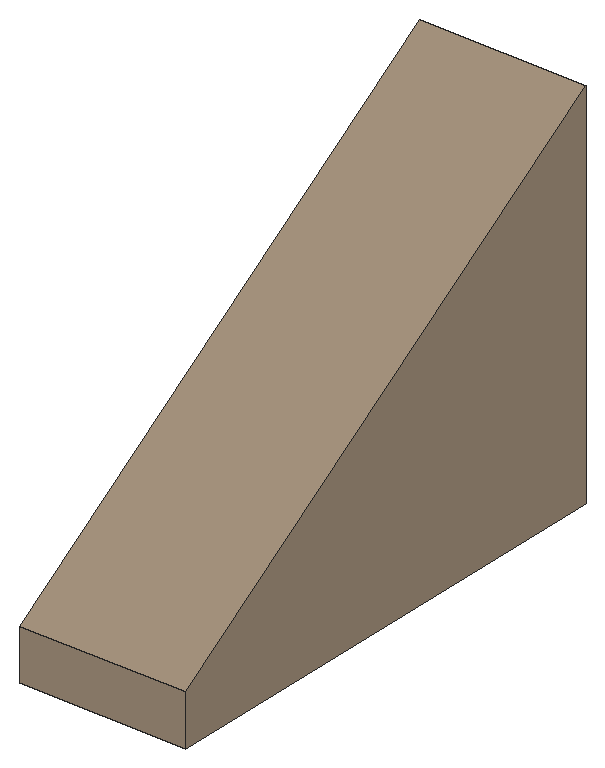
Revit family
Parameters
  Warranty Duration (Years) = 50
  URL = "http://www.nativecustomstone.com/"
  Test Data = "http://www.nativecustomstone.com/specs/testing-and-ics-esr-report"
  Specification = "http://www.nativecustomstone.com/specs/3-part-spec"
  Send Message = "http://www.arcat.com/users.pl?action=UserEmail&company=Native+Custom+Stone&coid=48056&rep=152&fax=706-216-5550&mf="
  Sales Information = "http://www.nativecustomstone.com/contact"
  Revision = "R1_10-2012"
  Product Properties = "http://www.nativecustomstone.com/specs/spec-data-sheet"
  Product Data = "http://www.arcat.com/arcatcos/cos48/arc48056.html"
  Model = "As Specified in 04 73 00"
  Material = Native-Custom-Stone_Accessory-Material_Brown-Color
  Manufacturer Website = "www.nativecstone.com"
  Manufacturer Phone - Toll Free = "888-823-0745"
  Manufacturer Phone = "706-216-5545"
  Manufacturer Fax = "706-216-5550"
  Manufacturer Email = "http://www.arcat.com/users.pl?action=UserEmail&company=Native+Custom+Stone&coid=48056&rep=152&fax=706-216-5550&mf="
  Manufacturer Address = "236 Hightower Pkwy. Dawsonville, GA 30534"
  Manufacturer = "Native Custom Stone"
  Maintenance Schedule (Months) = 12
  Keynote = "04 73 00"
  Installation-Fabrication = "http://www.nativecustomstone.com/specs/stone-installation-and-accessory-details"
  Installation Phase = "Masonry Finishes"
  Green Building-LEED = "http://www.nativecustomstone.com/specs/native-custom-stone-for-leeds-projects"
  Drawn By = "Sumex Design, Inc."
  Description = "Corbel as Specified in 04 73 00"
  Default Elevation = 0' - 0"
  Copyright = "©Arcat Inc."
  Construction Details = "http://www.nativecustomstone.com/specs/stone-installation-and-accessory-details"
  Company_ID = 48056
  Assembly Code = "B2010100"
Reference planes (in)
  plane 1 "Center (Front/Back)": y = 0
  plane 2: z = 0
  plane 3 "Center (Left/Right)": x = 0
  plane 4: x = -2
  plane 5: x = 2
  plane 6: y = 6
  plane 7: y = -6
  plane 8: z = 9
Forms (in)
  Extrusion 1, solid, material "Native-Custom-Stone_Accessory-Material_Brown-Color" <- "Material"
    sketch origin (0, 0, 0) x (0, 1, 0) y (0, 0, 1)
      loop
        line (-6, 0) -> (6, 0) -> (6, 9) -> (-6, 1.20711) -> (-6, 0)
    from -2 to 2
Dimensions and locks (in)
  equal spacing: plane 4, plane 3 "Center (Left/Right)", plane 5
  equal spacing: plane 7, plane 1 "Center (Front/Back)", plane 6
  locked: plane 7 to plane 6 at 12
  plane 4 to plane 5 = 0' - 4"
  locked: plane 8 to level at 9
Automatic sketch dimensions
  Extrusion 1 sketch curve to plane 7 = 0' - 0"
  Extrusion 1 sketch curve to plane 6 = 0' - 0"
  Extrusion 1 sketch curve to level = 0' - 0"
  Extrusion 1 sketch curve to plane 8 = 0' - 0"
  Extrusion 1 sketch curve to Extrusion 1 sketch curve = 0' - 1.20711"
